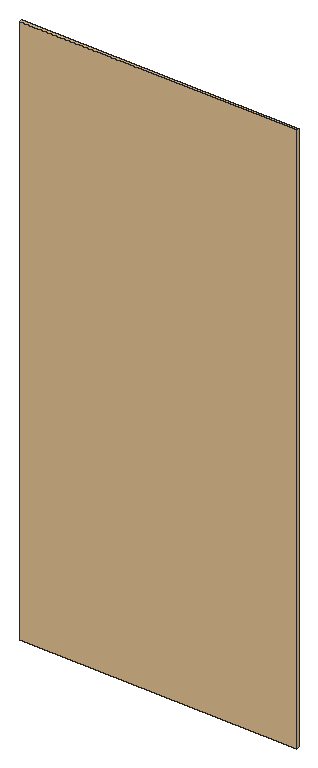
Revit family "Feature Blackbutt Veneer Circles", category Generic Models, Revit 2017
Family settings
  Can host rebar = No
  Round Connector Dimension = Use Diameter
  Part Type = Normal
  Work Plane-Based = No
  Always vertical = Yes
  Cut with Voids When Loaded = No
  Shared = Yes
  Room Calculation Point = No
Parameters (values of type "2400 x 1200")
  Raw Finish Code = "EX24 FB-CIR"  # constant formula
  Material = none
  URL = "https://www.easycraft.com.au/products/253/expression-series"
  Panel_width = 1200 mm  # constant formula
  Panel_thickness = 10 mm  # constant formula
  Model = "Expression Series - Circles"  # constant formula
  Manufacturer = "Easycraft Australia Pty Ltd ph 07 3906 7200"  # constant formula
  Panel_height = 2400 mm  # constant formula
  Description = "Feature Blackbutt Veneer"  # constant formula
  Clear Finish Code = "EX24 FB-CIR-CF"  # constant formula
  Assembly Code = ""
Reference planes
  plane 1 "Center (Front/Back)": y = 0
  plane 2: z = 0
  plane 3 "Center (Left/Right)": x = 0
  plane 4 "Panel face": y = -10
  plane 5: z = 2400
Forms (mm)
  Extrusion 1, solid, material "Feature Blackbutt Veneer"
    sketch origin (0, 0, 0) x (1, 0, 0) y (0, 1, 0)
      loop
        line (0, 0) -> (0, -10) -> (1200, -10) -> (1200, 0) -> (0, 0)
    from 0 to 2400
Lines and regions (mm)
  model lines, style "easycraft expressions pattern"
    curve 1: circle (341.97, -10, 1294.19) r 253.912 normal (0, -1, 0)
    curve 2: circle (680.52, -10, 1648.34) r 221.288 normal (0, -1, 0)
    curve 3: circle (598.12, -10, 430.57) r 213.856 normal (0, -1, 0)
    curve 4: circle (925.01, -10, 1322.83) r 180.794 normal (0, -1, 0)
    curve 5: circle (816.13, -10, 840.4) r 176.893 normal (0, -1, 0)
    curve 6: circle (493.43, -10, 903.62) r 139.799 normal (0, -1, 0)
    curve 7: circle (1010.29, -10, 1826.35) r 139.799 normal (0, -1, 0)
    curve 8: circle (351.75, -10, 1946.22) r 139.799 normal (0, -1, 0)
    curve 9: circle (878.16, -10, 2203.52) r 139.799 normal (0, -1, 0)
    curve 10: circle (344.44, -10, 680.58) r 122.332 normal (0, -1, 0)
    curve 11: arc (796.047, -10, 2400) -> (889.1, -10, 2352.883) -> (982.153, -10, 2400) r 115.447
    curve 12: circle (936.95, -10, 432.06) r 111.864 normal (0, -1, 0)
    curve 13: circle (887.69, -10, 142.73) r 111.669 normal (0, -1, 0)
    curve 14: circle (263.65, -10, 438.99) r 106.653 normal (0, -1, 0)
    curve 15: arc (989.924, -10, 2400) -> (1083.75, -10, 2253.832) -> (1177.576, -10, 2400) r 103.198
    curve 16: circle (1096.1, -10, 2071.56) r 102.885 normal (0, -1, 0)
    curve 17: circle (101.53, -10, 2072.49) r 100.994 normal (0, -1, 0)
    curve 18: circle (350.01, -10, 1684.04) r 100.406 normal (0, -1, 0)
    curve 19: circle (682, -10, 1156.88) r 99.335 normal (0, -1, 0)
    curve 20: circle (249.86, -10, 927.87) r 97.717 normal (0, -1, 0)
    curve 21: circle (809.48, -10, 1960.75) r 87.661 normal (0, -1, 0)
    curve 22: circle (192.19, -10, 2313.52) r 83.468 normal (0, -1, 0)
    curve 23: circle (165.49, -10, 1669.12) r 76.396 normal (0, -1, 0)
    curve 24: circle (989.71, -10, 1031.58) r 71.905 normal (0, -1, 0)
    curve 25: circle (566.08, -10, 2009.8) r 70 normal (0, -1, 0)
    curve 26: circle (990.65, -10, 1577.16) r 69.938 normal (0, -1, 0)
    curve 27: circle (922.46, -10, 615.56) r 66.095 normal (0, -1, 0)
    curve 28: circle (1131.4, -10, 1006.89) r 64.735 normal (0, -1, 0)
    curve 29: circle (256.55, -10, 2146.13) r 61.797 normal (0, -1, 0)
    curve 30: circle (81.46, -10, 1003.36) r 61.666 normal (0, -1, 0)
    curve 31: circle (846.72, -10, 1086.64) r 59.98 normal (0, -1, 0)
    curve 32: circle (528.55, -10, 700.87) r 57.589 normal (0, -1, 0)
    curve 33: circle (707.76, -10, 2082.45) r 57.037 normal (0, -1, 0)
    curve 34: circle (681.91, -10, 160.71) r 52.796 normal (0, -1, 0)
    curve 35: circle (649.49, -10, 1367.19) r 50.736 normal (0, -1, 0)
    curve 36: circle (170.87, -10, 1868.27) r 50.557 normal (0, -1, 0)
    curve 37: circle (942.7, -10, 2015.33) r 49.881 normal (0, -1, 0)
    curve 38: circle (1058.04, -10, 200.43) r 47.277 normal (0, -1, 0)
    curve 39: circle (801.05, -10, 608.12) r 47.345 normal (0, -1, 0)
    curve 40: circle (194.24, -10, 292.7) r 46.093 normal (0, -1, 0)
    curve 41: circle (1074.45, -10, 1127.66) r 44.218 normal (0, -1, 0)
    curve 42: circle (636.89, -10, 690.35) r 44.11 normal (0, -1, 0)
    curve 43: circle (1152.37, -10, 1338.25) r 43.672 normal (0, -1, 0)
    curve 44: circle (240.93, -10, 1788.65) r 43.409 normal (0, -1, 0)
    curve 45: circle (838.13, -10, 300.34) r 41.86 normal (0, -1, 0)
    curve 46: circle (289.01, -10, 277.66) r 41.503 normal (0, -1, 0)
    curve 47: circle (671.43, -10, 1920.79) r 40.827 normal (0, -1, 0)
    curve 48: circle (47.21, -10, 1340.92) r 40.678 normal (0, -1, 0)
    curve 49: circle (196.57, -10, 141.2) r 39.226 normal (0, -1, 0)
    curve 50: circle (183.16, -10, 1542.83) r 38.603 normal (0, -1, 0)
    curve 51: circle (1143.55, -10, 1251.81) r 37.994 normal (0, -1, 0)
    curve 52: circle (364.41, -10, 320.16) r 37.7 normal (0, -1, 0)
    curve 53: circle (452.54, -10, 1793.72) r 37.689 normal (0, -1, 0)
    curve 54: circle (115.57, -10, 1102.8) r 37.174 normal (0, -1, 0)
    curve 55: circle (554.74, -10, 1083.91) r 36.965 normal (0, -1, 0)
    curve 56: circle (1037.12, -10, 926.81) r 36.732 normal (0, -1, 0)
    curve 57: circle (175.09, -10, 1049.81) r 36.307 normal (0, -1, 0)
    curve 58: circle (601.71, -10, 97.02) r 36.004 normal (0, -1, 0)
    curve 59: circle (615.13, -10, 1034.86) r 35.908 normal (0, -1, 0)
    curve 60: circle (40.22, -10, 1257.65) r 35.819 normal (0, -1, 0)
    curve 61: circle (522.4, -10, 1868.69) r 35.685 normal (0, -1, 0)
    curve 62: circle (1076.61, -10, 490.46) r 34.764 normal (0, -1, 0)
    curve 63: circle (126.05, -10, 490.9) r 34.662 normal (0, -1, 0)
    curve 64: circle (233.97, -10, 217.58) r 34.616 normal (0, -1, 0)
    curve 65: circle (218.87, -10, 577.75) r 33.836 normal (0, -1, 0)
    curve 66: circle (590.08, -10, 178.51) r 33.701 normal (0, -1, 0)
    curve 67: circle (689.19, -10, 1018.57) r 32.888 normal (0, -1, 0)
    curve 68: circle (105.86, -10, 1931.78) r 32.488 normal (0, -1, 0)
    curve 69: circle (1079.74, -10, 1653.73) r 31.811 normal (0, -1, 0)
    curve 70: circle (680.25, -10, 49.58) r 31.005 normal (0, -1, 0)
    curve 71: circle (247.38, -10, 1593.37) r 30.93 normal (0, -1, 0)
    curve 72: circle (593.33, -10, 1900.81) r 30.882 normal (0, -1, 0)
    curve 73: circle (165.88, -10, 2195.27) r 30.9 normal (0, -1, 0)
    curve 74: circle (610.16, -10, 767.59) r 30.366 normal (0, -1, 0)
    curve 75: circle (97.11, -10, 1824.77) r 30.288 normal (0, -1, 0)
    curve 76: circle (632.54, -10, 1283.12) r 29.964 normal (0, -1, 0)
    curve 77: circle (707.25, -10, 1292.63) r 29.496 normal (0, -1, 0)
    curve 78: circle (110.95, -10, 1763.52) r 28.123 normal (0, -1, 0)
    curve 79: circle (169.87, -10, 1954.96) r 27.825 normal (0, -1, 0)
    curve 80: circle (722.37, -10, 650.25) r 27.497 normal (0, -1, 0)
    curve 81: circle (102.55, -10, 2223.83) r 27.525 normal (0, -1, 0)
    curve 82: circle (983.15, -10, 288.05) r 27.357 normal (0, -1, 0)
    curve 83: circle (134.37, -10, 228.39) r 27.317 normal (0, -1, 0)
    curve 84: circle (761.84, -10, 1047.63) r 27.161 normal (0, -1, 0)
    curve 85: circle (1146.81, -10, 467.64) r 26.734 normal (0, -1, 0)
    curve 86: circle (436.85, -10, 1569.01) r 26.706 normal (0, -1, 0)
    curve 87: circle (356.12, -10, 1008.63) r 26.326 normal (0, -1, 0)
    curve 88: circle (750.61, -10, 79.43) r 26.195 normal (0, -1, 0)
    curve 89: circle (245.78, -10, 799.65) r 25.192 normal (0, -1, 0)
    curve 90: circle (921.8, -10, 284.91) r 25.088 normal (0, -1, 0)
    curve 91: circle (373.02, -10, 529.53) r 24.727 normal (0, -1, 0)
    curve 92: circle (171.13, -10, 535.65) r 24.446 normal (0, -1, 0)
    curve 93: circle (765.75, -10, 251.44) r 24.193 normal (0, -1, 0)
    curve 94: circle (986.18, -10, 30.69) r 23.972 normal (0, -1, 0)
    curve 95: circle (1102.01, -10, 1199.93) r 24.015 normal (0, -1, 0)
    curve 96: circle (939.89, -10, 1666.89) r 23.925 normal (0, -1, 0)
    curve 97: circle (848.74, -10, 546.8) r 23.193 normal (0, -1, 0)
    curve 98: circle (61.97, -10, 1675.2) r 23.073 normal (0, -1, 0)
    curve 99: circle (725.53, -10, 1395.94) r 22.944 normal (0, -1, 0)
    curve 100: circle (793.28, -10, 28.85) r 22.819 normal (0, -1, 0)
    curve 101: circle (1080.9, -10, 422.27) r 22.756 normal (0, -1, 0)
    curve 102: circle (81.86, -10, 2276.28) r 22.557 normal (0, -1, 0)
    curve 103: arc (751.006, -10, 2400) -> (770.61, -10, 2366.357) -> (790.214, -10, 2400) r 22.533
    curve 104: circle (29.68, -10, 471.39) r 22.365 normal (0, -1, 0)
    curve 105: circle (215.12, -10, 62.74) r 22.164 normal (0, -1, 0)
    curve 106: circle (164.83, -10, 1786.13) r 22.222 normal (0, -1, 0)
    curve 107: circle (1043.46, -10, 320.07) r 21.826 normal (0, -1, 0)
    curve 108: circle (338.48, -10, 835.37) r 21.331 normal (0, -1, 0)
    curve 109: circle (298.54, -10, 1568.95) r 20.463 normal (0, -1, 0)
    curve 110: circle (225.97, -10, 2056.57) r 20.513 normal (0, -1, 0)
    curve 111: circle (87.61, -10, 187.13) r 20.439 normal (0, -1, 0)
    curve 112: circle (805.89, -10, 2352.43) r 20.185 normal (0, -1, 0)
    curve 113: circle (593.79, -10, 1416.95) r 20.047 normal (0, -1, 0)
    curve 114: circle (673.25, -10, 1991.63) r 20 normal (0, -1, 0)
    curve 115: circle (342.67, -10, 2116.96) r 20 normal (0, -1, 0)
    curve 116: circle (758.62, -10, 2336.74) r 20 normal (0, -1, 0)
    curve 117: circle (150.09, -10, 354.56) r 19.585 normal (0, -1, 0)
    curve 118: circle (1059.72, -10, 369.37) r 19.336 normal (0, -1, 0)
    curve 119: circle (1028.66, -10, 119.21) r 19.213 normal (0, -1, 0)
    curve 120: circle (89.08, -10, 443.69) r 19.17 normal (0, -1, 0)
    curve 121: circle (720.77, -10, 1348.26) r 19.07 normal (0, -1, 0)
    curve 122: circle (87.46, -10, 1879.3) r 18.572 normal (0, -1, 0)
    curve 123: circle (80.13, -10, 1720.25) r 18.333 normal (0, -1, 0)
    curve 124: circle (48.03, -10, 1748.84) r 18.021 normal (0, -1, 0)
    curve 125: circle (136.02, -10, 164.58) r 17.393 normal (0, -1, 0)
    curve 126: circle (51.8, -10, 1851.62) r 16.801 normal (0, -1, 0)
    curve 127: circle (295.86, -10, 815.33) r 16.091 normal (0, -1, 0)
    curve 128: circle (233.42, -10, 1044.51) r 16.01 normal (0, -1, 0)
    curve 129: circle (66.07, -10, 1784.49) r 16 normal (0, -1, 0)
    curve 130: circle (135.25, -10, 403.53) r 15.74 normal (0, -1, 0)
    curve 131: circle (97.43, -10, 1165.22) r 15.435 normal (0, -1, 0)
    curve 132: circle (80.01, -10, 1206.6) r 15.148 normal (0, -1, 0)
    curve 133: circle (391.55, -10, 1567.4) r 14.756 normal (0, -1, 0)
    curve 134: circle (758.15, -10, 198.55) r 14.706 normal (0, -1, 0)
    curve 135: circle (735.84, -10, 2369.22) r 14.414 normal (0, -1, 0)
    curve 136: circle (721.42, -10, 229.16) r 14.188 normal (0, -1, 0)
    curve 137: circle (348.15, -10, 1567.01) r 13.383 normal (0, -1, 0)
    curve 138: circle (243.16, -10, 1545.09) r 13.069 normal (0, -1, 0)
    curve 139: arc (714.614, -10, 2400) -> (727.47, -10, 2385.779) -> (740.326, -10, 2400) r 12.921
    curve 140: circle (71.94, -10, 491.58) r 12.291 normal (0, -1, 0)
    curve 141: circle (506.98, -10, 1816.1) r 11.632 normal (0, -1, 0)
    curve 142: circle (473.42, -10, 1847.89) r 11.632 normal (0, -1, 0)
    curve 143: circle (524.31, -10, 1926.24) r 11.632 normal (0, -1, 0)
    curve 144: circle (479.19, -10, 2061.09) r 11.632 normal (0, -1, 0)
    curve 145: circle (138.22, -10, 1809.66) r 9.732 normal (0, -1, 0)
    curve 146: circle (143.48, -10, 1581.54) r 9.25 normal (0, -1, 0)
    curve 147: circle (269.94, -10, 1551.86) r 8.764 normal (0, -1, 0)
    curve 148: circle (53.24, -10, 1714.66) r 6.889 normal (0, -1, 0)
    curve 149: circle (204.45, -10, 1589.28) r 6.78 normal (0, -1, 0)
    curve 150: circle (57.26, -10, 1818.47) r 5.46 normal (0, -1, 0)
    curve 151: arc (1200, -10, 177.875) -> (1074.224, -10, 125.776) -> (1022.125, -10, 0) r 177.875
    curve 152: arc (0, -10, 194.643) -> (124.247, -10, 318.89) -> (0, -10, 443.137) r 124.247
    curve 153: arc (1200, -10, 443.137) -> (1075.753, -10, 318.89) -> (1200, -10, 194.643) r 124.247
    curve 154: arc (177.875, -10, 0) -> (125.776, -10, 125.776) -> (0, -10, 177.875) r 177.875
    curve 155: arc (263.787, -10, -1.44) -> (233.67, -10, 30.841) -> (202.08, -10, 0) r 30.87
    curve 156: arc (686.416, -10, 0) -> (608.57, -10, 32.515) -> (530.724, -10, 0) r 109.445
    curve 157: arc (524.109, -10, 0) -> (400.61, -10, 263.387) -> (277.111, -10, 0) r 160.647
    curve 158: arc (0, -10, 1067.132) -> (78.198, -10, 1145.33) -> (0, -10, 1223.528) r 78.198
    curve 159: arc (1200, -10, 1223.528) -> (1121.802, -10, 1145.33) -> (1200, -10, 1067.132) r 78.198
    curve 160: arc (0, -10, 1662.385) -> (43.485, -10, 1705.87) -> (0, -10, 1749.355) r 43.485
    curve 161: arc (1200, -10, 1749.355) -> (1156.515, -10, 1705.87) -> (1200, -10, 1662.385) r 43.485
    curve 162: arc (0, -10, 1751.946) -> (49.174, -10, 1801.12) -> (0, -10, 1850.294) r 49.174
    curve 163: arc (1200, -10, 1850.294) -> (1150.826, -10, 1801.12) -> (1200, -10, 1751.946) r 49.174
    curve 164: arc (0, -10, 1855.718) -> (69.262, -10, 1924.98) -> (0, -10, 1994.242) r 69.262
    curve 165: arc (1200, -10, 1994.242) -> (1130.738, -10, 1924.98) -> (1200, -10, 1855.718) r 69.262
    curve 166: arc (0, -10, 2154.469) -> (65.531, -10, 2220) -> (0, -10, 2285.531) r 65.531
    curve 167: arc (1200, -10, 2285.531) -> (1134.469, -10, 2220) -> (1200, -10, 2154.469) r 65.531
    curve 168: arc (0, -10, 498.712) -> (221.288, -10, 720) -> (0, -10, 941.288) r 221.288
    curve 169: arc (1200, -10, 941.288) -> (978.712, -10, 720) -> (1200, -10, 498.712) r 221.288
    curve 170: arc (0, -10, 1380.201) -> (139.799, -10, 1520) -> (0, -10, 1659.799) r 139.799
    curve 171: arc (1200, -10, 1659.799) -> (1060.201, -10, 1520) -> (1200, -10, 1380.201) r 139.799
    curve 172: arc (302.394, -10, 2400) -> (504.33, -10, 2088.212) -> (706.266, -10, 2400) r 221.288
    curve 173: arc (248.108, -10, 2400) -> (271.55, -10, 2380.63) -> (294.992, -10, 2400) r 23.87
    curve 174: arc (17.861, -10, 2400) -> (56.23, -10, 2305.003) -> (94.599, -10, 2400) r 55.247
Dimensions and locks
  "Panel_height": plane 5 to plane 2
  "Panel_thickness": plane 4 "Panel face" to plane 1 "Center (Front/Back)"
  "Panel_width": Extrusion 1 to plane 3 "Center (Left/Right)"
  aligned and locked: level to plane 2
  aligned and locked: Extrusion 1 to level
  aligned and locked: plane 4 "Panel face" to Extrusion 1
  aligned and locked: Extrusion 1 to plane 5
Automatic sketch dimensions
  Extrusion 1 sketch curve to plane 3 "Center (Left/Right)" = 0 mm
  plane 4 "Panel face" to Extrusion 1 sketch curve = 0 mm
  plane 1 "Center (Front/Back)" to Extrusion 1 sketch curve = 0 mm
  Extrusion 1 sketch curve to Extrusion 1 sketch curve = 1200 mm
  curve 158 to plane 3 "Center (Left/Right)" = 0 mm
  curve 160 to plane 3 "Center (Left/Right)" = 0 mm
  curve 170 to plane 3 "Center (Left/Right)" = 0 mm
  curve 168 to plane 3 "Center (Left/Right)" = 0 mm
  curve 166 to plane 3 "Center (Left/Right)" = 0 mm
  curve 152 to plane 3 "Center (Left/Right)" = 0 mm
  curve 164 to plane 3 "Center (Left/Right)" = 0 mm
  curve 162 to plane 3 "Center (Left/Right)" = 0 mm
  curve 154 to level = 0 mm
  curve 154 to plane 3 "Center (Left/Right)" = 0 mm
  curve 155 to level = 0 mm
  curve 157 to level = 0 mm  (x2)
  curve 156 to level = 0 mm  (x2)
  curve 151 to level = 0 mm
  plane 3 "Center (Left/Right)" to curve 104 = 29.68 mm
  plane 3 "Center (Left/Right)" to curve 60 = 40.22 mm
  plane 3 "Center (Left/Right)" to curve 48 = 47.21 mm
  plane 3 "Center (Left/Right)" to curve 124 = 48.03 mm
  plane 3 "Center (Left/Right)" to curve 126 = 51.8 mm
  curve 124 to curve 148 = 5.21 mm
  curve 126 to curve 150 = 5.46 mm
  curve 148 to curve 98 = 8.73 mm
  curve 150 to curve 129 = 8.81 mm
  curve 104 to curve 140 = 42.26 mm
  curve 60 to curve 132 = 39.79 mm
  curve 148 to curve 123 = 26.89 mm
  plane 3 "Center (Left/Right)" to curve 30 = 81.46 mm
  plane 3 "Center (Left/Right)" to curve 102 = 81.86 mm
  curve 126 to curve 122 = 35.66 mm
  plane 3 "Center (Left/Right)" to curve 111 = 87.61 mm
  curve 140 to curve 120 = 17.14 mm
  curve 150 to curve 75 = 39.85 mm
  curve 132 to curve 131 = 17.42 mm
  plane 3 "Center (Left/Right)" to curve 17 = 101.53 mm
  curve 102 to curve 81 = 20.69 mm
  curve 122 to curve 68 = 18.4 mm
  curve 129 to curve 78 = 44.88 mm
  curve 131 to curve 54 = 18.14 mm
  curve 140 to curve 63 = 54.11 mm
  curve 111 to curve 83 = 46.76 mm
  curve 120 to curve 130 = 46.17 mm
  curve 111 to curve 125 = 48.41 mm
  curve 75 to curve 145 = 41.11 mm
  curve 98 to curve 146 = 81.51 mm
  curve 130 to curve 117 = 14.84 mm
  curve 145 to curve 106 = 26.61 mm
  curve 146 to curve 23 = 22.01 mm
  curve 81 to curve 73 = 63.33 mm
  curve 68 to curve 79 = 64.01 mm
  curve 145 to curve 36 = 32.65 mm
  curve 63 to curve 92 = 45.08 mm
  curve 54 to curve 57 = 59.52 mm
  curve 146 to curve 50 = 39.68 mm
  curve 102 to curve 22 = 110.33 mm
  curve 117 to curve 40 = 44.15 mm
  curve 125 to curve 49 = 60.55 mm
  curve 50 to curve 149 = 21.29 mm
  curve 49 to curve 105 = 18.55 mm
  curve 92 to curve 65 = 47.74 mm
  curve 79 to curve 110 = 56.1 mm
  curve 155 to level = 0.02 mm
  curve 105 to curve 155 = 17.83 mm
  curve 57 to curve 128 = 58.33 mm
  curve 40 to curve 64 = 39.73 mm
  curve 106 to curve 44 = 76.1 mm
  curve 149 to curve 138 = 38.71 mm
  curve 65 to curve 89 = 26.91 mm
  curve 149 to curve 71 = 42.93 mm
  curve 128 to curve 20 = 16.44 mm
  curve 110 to curve 29 = 30.58 mm
  curve 130 to curve 14 = 128.4 mm
  curve 138 to curve 147 = 26.78 mm
  curve 64 to curve 46 = 55.04 mm
  curve 89 to curve 127 = 50.08 mm
  curve 147 to curve 109 = 28.6 mm
  curve 127 to curve 108 = 42.62 mm
  curve 147 to curve 1 = 72.03 mm
  curve 29 to curve 115 = 86.12 mm
  curve 127 to curve 10 = 48.58 mm
  curve 109 to curve 137 = 49.61 mm
  curve 137 to curve 18 = 1.86 mm
  curve 110 to curve 8 = 125.78 mm
  curve 128 to curve 87 = 122.7 mm
  curve 46 to curve 52 = 75.4 mm
  curve 14 to curve 91 = 109.37 mm
  curve 137 to curve 133 = 43.4 mm
  curve 105 to curve 157 = 185.49 mm
  curve 133 to curve 86 = 45.3 mm
  curve 18 to curve 53 = 102.53 mm
  curve 53 to curve 142 = 20.88 mm
  curve 115 to curve 144 = 136.52 mm
  curve 108 to curve 6 = 154.95 mm
  plane 5 to curve 172 = 90.5 mm
  curve 144 to curve 172 = 25.14 mm
  curve 142 to curve 141 = 33.56 mm
  curve 142 to curve 61 = 48.98 mm
  curve 61 to curve 143 = 1.91 mm
  curve 10 to curve 32 = 184.11 mm
  curve 6 to curve 55 = 61.31 mm
  curve 143 to curve 25 = 41.77 mm
  curve 157 to curve 66 = 189.47 mm
  curve 143 to curve 72 = 69.02 mm
  curve 86 to curve 113 = 156.94 mm
  curve 91 to curve 3 = 225.1 mm
  curve 66 to curve 58 = 11.63 mm
  curve 156 to level = 76.93 mm
  curve 58 to curve 156 = 6.86 mm
  curve 32 to curve 74 = 81.61 mm
  curve 55 to curve 59 = 60.39 mm
  curve 113 to curve 76 = 38.75 mm
  curve 74 to curve 42 = 26.73 mm
  curve 113 to curve 35 = 55.7 mm
  curve 72 to curve 47 = 78.1 mm
  curve 47 to curve 114 = 1.82 mm
  curve 58 to curve 70 = 78.54 mm
  curve 141 to curve 2 = 173.54 mm
  curve 66 to curve 34 = 91.83 mm
  curve 76 to curve 19 = 49.46 mm
  curve 59 to curve 67 = 74.06 mm
  curve 76 to curve 77 = 74.71 mm
  curve 114 to curve 33 = 34.51 mm
  curve 77 to curve 121 = 13.52 mm
  curve 34 to curve 136 = 39.51 mm
  curve 42 to curve 80 = 85.48 mm
  curve 121 to curve 99 = 4.76 mm
  plane 5 to curve 139 = 1.3 mm
  curve 172 to curve 139 = 223.14 mm
  curve 139 to curve 135 = 8.37 mm
  curve 70 to curve 88 = 70.36 mm
  curve 136 to curve 134 = 36.73 mm
  curve 135 to curve 116 = 22.78 mm
  curve 67 to curve 84 = 72.65 mm
  curve 136 to curve 93 = 44.33 mm
  level to curve 100 = 28.85 mm
  curve 88 to curve 100 = 42.67 mm
  curve 80 to curve 39 = 78.68 mm
  curve 116 to curve 112 = 47.27 mm
  curve 114 to curve 21 = 136.23 mm
  curve 80 to curve 5 = 93.76 mm
  curve 93 to curve 45 = 72.38 mm
  curve 84 to curve 31 = 84.88 mm
  curve 39 to curve 97 = 47.69 mm
  curve 112 to curve 9 = 72.27 mm
  curve 134 to curve 13 = 129.54 mm
  curve 11 to plane 5 = 68.33 mm
  curve 45 to curve 90 = 83.67 mm
  curve 97 to curve 27 = 73.72 mm
  curve 121 to curve 4 = 204.24 mm
  curve 97 to curve 12 = 88.21 mm
  curve 2 to curve 96 = 259.37 mm
  curve 21 to curve 37 = 133.22 mm
  curve 90 to curve 82 = 61.35 mm
  level to curve 94 = 30.69 mm
  curve 13 to curve 94 = 98.49 mm
  curve 31 to curve 24 = 142.99 mm
  curve 96 to curve 26 = 50.76 mm
  curve 96 to curve 7 = 70.4 mm
  curve 94 to curve 119 = 42.48 mm
  curve 24 to curve 56 = 47.41 mm
  curve 82 to curve 107 = 60.31 mm
  curve 119 to curve 38 = 29.38 mm
  curve 107 to curve 118 = 16.26 mm
  curve 24 to curve 41 = 84.74 mm
  curve 118 to curve 62 = 16.89 mm
  curve 26 to curve 69 = 89.09 mm
  curve 118 to curve 101 = 21.18 mm
  plane 5 to curve 15 = 42.97 mm
  curve 11 to curve 15 = 194.65 mm
  curve 37 to curve 16 = 153.4 mm
  curve 41 to curve 95 = 27.56 mm
  curve 56 to curve 28 = 94.28 mm
  curve 95 to curve 51 = 41.54 mm
  curve 62 to curve 85 = 70.2 mm
  curve 51 to curve 43 = 8.82 mm
  curve 69 to curve 163 = 120.26 mm
  curve 163 to curve 161 = 0 mm
  curve 95 to curve 159 = 97.99 mm
  curve 15 to curve 167 = 116.25 mm
  curve 118 to curve 153 = 140.28 mm
  curve 85 to curve 169 = 53.19 mm
  curve 153 to curve 151 = 0 mm
  curve 165 to curve 163 = 0 mm
  curve 161 to curve 171 = 0 mm
  level to curve 70 = 49.58 mm
  level to curve 105 = 62.74 mm
  curve 100 to curve 88 = 50.58 mm
  curve 70 to curve 58 = 47.44 mm
  level to curve 157 = 102.74 mm
  curve 94 to curve 119 = 88.52 mm
  curve 105 to curve 49 = 78.46 mm
  level to curve 13 = 142.73 mm
  curve 58 to curve 34 = 63.69 mm
  curve 49 to curve 125 = 23.38 mm
  curve 58 to curve 66 = 81.49 mm
  curve 125 to curve 111 = 22.55 mm
  curve 34 to curve 134 = 37.84 mm
  curve 119 to curve 38 = 81.22 mm
  curve 49 to curve 64 = 76.38 mm
  curve 111 to curve 83 = 41.26 mm
  curve 134 to curve 136 = 30.61 mm
  curve 136 to curve 93 = 22.28 mm
  curve 64 to curve 46 = 60.08 mm
  curve 13 to curve 90 = 142.18 mm
  curve 90 to curve 82 = 3.14 mm
  curve 64 to curve 40 = 75.12 mm
  curve 90 to curve 45 = 15.43 mm
  curve 38 to curve 153 = 118.46 mm
  curve 111 to curve 152 = 131.76 mm
  curve 82 to curve 107 = 32.02 mm
  curve 46 to curve 52 = 42.5 mm
  curve 40 to curve 117 = 61.86 mm
  curve 107 to curve 118 = 49.3 mm
  curve 117 to curve 130 = 48.97 mm
  curve 118 to curve 101 = 52.9 mm
  curve 136 to curve 3 = 201.41 mm
  curve 118 to curve 12 = 62.69 mm
  curve 130 to curve 14 = 35.46 mm
  curve 130 to curve 120 = 40.16 mm
  curve 101 to curve 85 = 45.37 mm
  curve 120 to curve 104 = 27.7 mm
  curve 101 to curve 62 = 68.19 mm
  curve 120 to curve 63 = 47.21 mm
  curve 104 to curve 140 = 20.19 mm
  curve 14 to curve 91 = 90.54 mm
  curve 63 to curve 92 = 44.75 mm
  curve 12 to curve 97 = 114.74 mm
  curve 92 to curve 65 = 42.1 mm
  curve 97 to curve 39 = 61.32 mm
  curve 97 to curve 27 = 68.76 mm
  curve 39 to curve 80 = 42.13 mm
  curve 91 to curve 10 = 151.05 mm
  curve 80 to curve 42 = 40.1 mm
  curve 42 to curve 32 = 10.52 mm
  curve 85 to curve 169 = 252.36 mm
  curve 140 to curve 168 = 228.42 mm
  curve 42 to curve 74 = 77.24 mm
  curve 10 to curve 89 = 119.07 mm
  curve 89 to curve 127 = 15.68 mm
  curve 127 to curve 108 = 20.04 mm
  curve 80 to curve 5 = 190.15 mm
  curve 108 to curve 6 = 68.25 mm
  curve 5 to curve 56 = 86.41 mm
  curve 127 to curve 20 = 112.54 mm
  curve 20 to curve 30 = 75.49 mm
  curve 56 to curve 28 = 80.08 mm
  curve 20 to curve 87 = 80.76 mm
  curve 5 to curve 67 = 178.17 mm
  curve 56 to curve 24 = 104.77 mm
  curve 67 to curve 59 = 16.29 mm
  curve 20 to curve 128 = 116.64 mm
  curve 67 to curve 84 = 29.06 mm
  curve 128 to curve 57 = 5.3 mm
  curve 59 to curve 55 = 49.05 mm
  curve 84 to curve 31 = 39.01 mm
  curve 57 to curve 54 = 52.99 mm
  curve 24 to curve 41 = 96.08 mm
  curve 41 to curve 159 = 17.67 mm
  curve 54 to curve 158 = 42.53 mm
  curve 84 to curve 19 = 109.25 mm
  curve 54 to curve 131 = 62.42 mm
  curve 41 to curve 95 = 72.27 mm
  curve 131 to curve 132 = 41.38 mm
  curve 95 to curve 51 = 51.88 mm
  curve 132 to curve 60 = 51.05 mm
  curve 19 to curve 76 = 126.24 mm
  curve 76 to curve 77 = 9.51 mm
  curve 128 to curve 1 = 249.68 mm
  curve 95 to curve 4 = 122.9 mm
  curve 51 to curve 43 = 86.44 mm
  curve 60 to curve 48 = 83.27 mm
  curve 77 to curve 121 = 55.63 mm
  curve 121 to curve 35 = 18.93 mm
  curve 121 to curve 99 = 47.68 mm
  curve 35 to curve 113 = 49.76 mm
  curve 43 to curve 171 = 181.75 mm
  curve 48 to curve 170 = 179.08 mm
  curve 170 to curve 50 = 22.83 mm
  curve 50 to curve 138 = 2.26 mm
  curve 138 to curve 147 = 6.77 mm
  curve 147 to curve 137 = 15.15 mm
  curve 137 to curve 133 = 0.39 mm
  curve 147 to curve 109 = 17.09 mm
  curve 133 to curve 86 = 1.61 mm
  curve 171 to curve 26 = 57.16 mm
  curve 50 to curve 146 = 38.71 mm
  curve 50 to curve 149 = 46.45 mm
  curve 149 to curve 71 = 4.09 mm
  curve 113 to curve 2 = 231.39 mm
  curve 26 to curve 69 = 76.57 mm
  curve 26 to curve 96 = 89.73 mm
  curve 149 to curve 23 = 79.84 mm
  curve 23 to curve 98 = 6.08 mm
  curve 137 to curve 18 = 117.03 mm
  curve 98 to curve 160 = 30.67 mm
  curve 69 to curve 161 = 52.14 mm
  curve 98 to curve 148 = 39.46 mm
  curve 148 to curve 123 = 5.59 mm
  curve 148 to curve 124 = 34.18 mm
  curve 123 to curve 78 = 43.27 mm
  curve 124 to curve 129 = 35.65 mm
  curve 78 to curve 106 = 22.61 mm
  curve 106 to curve 44 = 2.52 mm
  curve 18 to curve 53 = 109.68 mm
  curve 161 to curve 163 = 95.25 mm
  curve 129 to curve 162 = 16.63 mm
  curve 106 to curve 145 = 23.53 mm
  curve 53 to curve 141 = 22.38 mm
  curve 129 to curve 150 = 33.98 mm
  curve 150 to curve 75 = 6.3 mm
  curve 96 to curve 7 = 159.46 mm
  curve 141 to curve 142 = 31.79 mm
  curve 150 to curve 126 = 33.15 mm
  curve 145 to curve 36 = 58.61 mm
  curve 142 to curve 61 = 20.8 mm
  curve 126 to curve 122 = 27.68 mm
  curve 61 to curve 72 = 32.12 mm
  curve 72 to curve 47 = 19.98 mm
  curve 126 to curve 164 = 73.36 mm
  curve 163 to curve 165 = 123.86 mm
  curve 61 to curve 143 = 57.55 mm
  curve 122 to curve 68 = 52.48 mm
  curve 142 to curve 8 = 98.33 mm
  curve 68 to curve 79 = 23.18 mm
  curve 47 to curve 21 = 39.96 mm
  curve 47 to curve 114 = 70.84 mm
  curve 143 to curve 25 = 83.56 mm
  curve 21 to curve 37 = 54.58 mm
  curve 79 to curve 110 = 101.61 mm
  curve 25 to curve 144 = 51.29 mm
  curve 37 to curve 16 = 56.23 mm
  curve 110 to curve 17 = 15.92 mm
  curve 114 to curve 33 = 90.82 mm
  curve 110 to curve 115 = 60.39 mm
  curve 115 to curve 29 = 29.17 mm
  curve 29 to curve 73 = 49.14 mm
  plane 5 to curve 9 = 196.48 mm
  curve 73 to curve 166 = 24.73 mm
  curve 167 to curve 15 = 137.03 mm
  curve 73 to curve 81 = 28.56 mm
  curve 81 to curve 102 = 52.45 mm
  plane 5 to curve 22 = 86.48 mm
  plane 5 to curve 112 = 47.57 mm
  curve 135 to curve 139 = 29.48 mm
  curve 154 to curve 155 = 55.075 mm
  curve 154 to curve 155 = 24.206 mm
  curve 155 to level = 1.44 mm
  curve 155 to curve 157 = 13.324 mm
  curve 157 to curve 156 = 6.615 mm
  curve 94 to curve 151 = 35.945 mm
  curve 154 to curve 152 = 16.769 mm
  curve 151 to curve 153 = 16.769 mm
  curve 153 to curve 169 = 55.575 mm
  curve 104 to curve 168 = 27.322 mm
  curve 158 to curve 158 = 78.198 mm
  curve 159 to curve 159 = 78.198 mm
  curve 43 to curve 171 = 41.951 mm
  curve 48 to curve 170 = 39.281 mm
  curve 171 to curve 161 = 2.586 mm
  curve 170 to curve 160 = 2.586 mm
  curve 160 to curve 162 = 2.591 mm
  curve 161 to curve 163 = 2.591 mm
  curve 163 to curve 165 = 5.424 mm
  curve 162 to curve 164 = 5.424 mm
  curve 167 to curve 167 = 65.531 mm
  curve 166 to curve 166 = 65.531 mm
  curve 11 to curve 11 = 93.053 mm
  curve 135 to curve 103 = 34.77 mm
  curve 103 to curve 11 = 118.49 mm
  curve 116 to curve 135 = 32.48 mm
  plane 5 to curve 103 = 11.11 mm
  curve 173 to plane 5 = 4.5 mm
  curve 173 to curve 173 = 23.442 mm
  curve 173 to curve 172 = 7.402 mm
  plane 3 "Center (Left/Right)" to curve 174 = 56.23 mm
  plane 5 to curve 174 = 39.75 mm
  plane 3 "Center (Left/Right)" to curve 174 = 17.861 mm
  curve 22 to curve 173 = 79.36 mm
  curve 174 to plane 5 = 0 mm  (x2)
  curve 173 to plane 5 = 0 mm  (x2)
  curve 172 to plane 5 = 0 mm  (x2)
  curve 139 to plane 5 = 0 mm  (x2)
  curve 103 to plane 5 = 0 mm  (x2)
  curve 11 to plane 5 = 0 mm  (x2)
  curve 15 to plane 5 = 0 mm  (x2)
  radius of curve 1 = 253.912 mm
  radius of curve 2 = 221.288 mm
  radius of curve 3 = 213.856 mm
  radius of curve 4 = 180.794 mm
  radius of curve 5 = 176.893 mm
  radius of curve 6 = 139.799 mm
  radius of curve 7 = 139.799 mm
  radius of curve 8 = 139.799 mm
  radius of curve 9 = 139.799 mm
  radius of curve 10 = 122.332 mm
  radius of curve 12 = 111.864 mm
  radius of curve 13 = 111.669 mm
  radius of curve 14 = 106.653 mm
  radius of curve 15 = 103.198 mm
  radius of curve 16 = 102.885 mm
  radius of curve 17 = 100.994 mm
  radius of curve 18 = 100.406 mm
  radius of curve 19 = 99.335 mm
  radius of curve 20 = 97.717 mm
  radius of curve 21 = 87.661 mm
  radius of curve 22 = 83.468 mm
  radius of curve 23 = 76.396 mm
  radius of curve 24 = 71.905 mm
  radius of curve 25 = 70 mm
  radius of curve 26 = 69.938 mm
  radius of curve 27 = 66.095 mm
  radius of curve 28 = 64.735 mm
  radius of curve 29 = 61.797 mm
  radius of curve 30 = 61.666 mm
  radius of curve 31 = 59.98 mm
  radius of curve 32 = 57.589 mm
  radius of curve 33 = 57.037 mm
  radius of curve 34 = 52.796 mm
  radius of curve 35 = 50.736 mm
  radius of curve 36 = 50.557 mm
  radius of curve 37 = 49.881 mm
  radius of curve 38 = 47.277 mm
  radius of curve 39 = 47.345 mm
  radius of curve 40 = 46.093 mm
  radius of curve 41 = 44.218 mm
  radius of curve 42 = 44.11 mm
  radius of curve 43 = 43.672 mm
  radius of curve 44 = 43.409 mm
  radius of curve 45 = 41.86 mm
  radius of curve 46 = 41.503 mm
  radius of curve 47 = 40.827 mm
  radius of curve 48 = 40.678 mm
  radius of curve 49 = 39.226 mm
  radius of curve 50 = 38.603 mm
  radius of curve 51 = 37.994 mm
  radius of curve 52 = 37.7 mm
  radius of curve 53 = 37.689 mm
  radius of curve 54 = 37.174 mm
  radius of curve 55 = 36.965 mm
  radius of curve 56 = 36.732 mm
  radius of curve 57 = 36.307 mm
  radius of curve 58 = 36.004 mm
  radius of curve 59 = 35.908 mm
  radius of curve 60 = 35.819 mm
  radius of curve 61 = 35.685 mm
  radius of curve 62 = 34.764 mm
  radius of curve 63 = 34.662 mm
  radius of curve 64 = 34.616 mm
  radius of curve 65 = 33.836 mm
  radius of curve 66 = 33.701 mm
  radius of curve 67 = 32.888 mm
  radius of curve 68 = 32.488 mm
  radius of curve 69 = 31.811 mm
  radius of curve 70 = 31.005 mm
  radius of curve 71 = 30.93 mm
  radius of curve 72 = 30.882 mm
  radius of curve 73 = 30.9 mm
  radius of curve 74 = 30.366 mm
  radius of curve 75 = 30.288 mm
  radius of curve 76 = 29.964 mm
  radius of curve 77 = 29.496 mm
  radius of curve 78 = 28.123 mm
  radius of curve 79 = 27.825 mm
  radius of curve 80 = 27.497 mm
  radius of curve 81 = 27.525 mm
  radius of curve 82 = 27.357 mm
  radius of curve 83 = 27.317 mm
  radius of curve 84 = 27.161 mm
  radius of curve 85 = 26.734 mm
  radius of curve 86 = 26.706 mm
  radius of curve 87 = 26.326 mm
  radius of curve 88 = 26.195 mm
  radius of curve 89 = 25.192 mm
  radius of curve 90 = 25.088 mm
  radius of curve 91 = 24.727 mm
  radius of curve 92 = 24.446 mm
  radius of curve 93 = 24.193 mm
  radius of curve 94 = 23.972 mm
  radius of curve 95 = 24.015 mm
  radius of curve 96 = 23.925 mm
  radius of curve 97 = 23.193 mm
  radius of curve 98 = 23.073 mm
  radius of curve 99 = 22.944 mm
  radius of curve 100 = 22.819 mm
  radius of curve 101 = 22.756 mm
  radius of curve 102 = 22.557 mm
  radius of curve 103 = 22.533 mm
  radius of curve 104 = 22.365 mm
  radius of curve 105 = 22.164 mm
  radius of curve 106 = 22.222 mm
  radius of curve 107 = 21.826 mm
  radius of curve 108 = 21.331 mm
  radius of curve 109 = 20.463 mm
  radius of curve 110 = 20.513 mm
  radius of curve 111 = 20.439 mm
  radius of curve 112 = 20.185 mm
  radius of curve 113 = 20.047 mm
  radius of curve 114 = 20 mm
  radius of curve 115 = 20 mm
  radius of curve 116 = 20 mm
  radius of curve 117 = 19.585 mm
  radius of curve 118 = 19.336 mm
  radius of curve 119 = 19.213 mm
  radius of curve 120 = 19.17 mm
  radius of curve 121 = 19.07 mm
  radius of curve 122 = 18.572 mm
  radius of curve 123 = 18.333 mm
  radius of curve 124 = 18.021 mm
  radius of curve 125 = 17.393 mm
  radius of curve 126 = 16.801 mm
  radius of curve 127 = 16.091 mm
  radius of curve 128 = 16.01 mm
  radius of curve 129 = 16 mm
  radius of curve 130 = 15.74 mm
  radius of curve 131 = 15.435 mm
  radius of curve 132 = 15.148 mm
  radius of curve 133 = 14.756 mm
  radius of curve 134 = 14.706 mm
  radius of curve 135 = 14.414 mm
  radius of curve 136 = 14.188 mm
  radius of curve 137 = 13.383 mm
  radius of curve 138 = 13.069 mm
  radius of curve 139 = 12.921 mm
  radius of curve 140 = 12.291 mm
  radius of curve 141 = 11.632 mm
  radius of curve 142 = 11.632 mm
  radius of curve 143 = 11.632 mm
  radius of curve 144 = 11.632 mm
  radius of curve 145 = 9.732 mm
  radius of curve 146 = 9.25 mm
  radius of curve 147 = 8.764 mm
  radius of curve 148 = 6.889 mm
  radius of curve 149 = 6.78 mm
  radius of curve 150 = 5.46 mm
